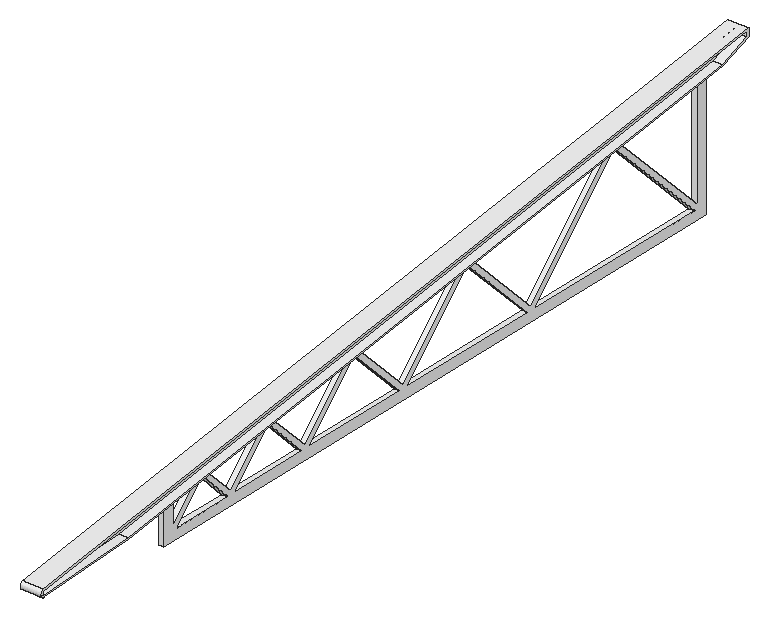
Revit family "STC_A3-Truss", category Structural Framing, Revit 2016
Family settings
  Section Shape = Not Defined
  Material for Model Behavior = Other
  Always export as geometry = No
  Work Plane-Based = No
  Always vertical = Yes
  Cut with Voids When Loaded = No
  Symbolic Representation = From Family
  Shared = No
  Show family pre-cut in plan views = Yes
Reference planes
  plane 1 "Center (Front/Back)": y = 0
  plane 2: z = 0
  plane 3 "Center (Left/Right)": x = 0
  plane 4: through (0, 227.202, 1283.158) normal (0, -0.1305, 0.9914)
  plane 5: y = -6700
  plane 6: y = -7100
  plane 7: y = 300
  plane 8: through (0, 207.623, 1431.875) normal (0, -0.1305, 0.9914)
  plane 9: y = -230
  plane 10: y = -6470
Forms (mm)
  Extrusion 1, solid, material "Metal - Steel"
    sketch origin (0, 0, 0) x (0, 1, 0) y (0, 0, 1)
      loop
        line (300, 1368.39) -> (300, 1444.037) -> (-8109.789, 336.867)
        arc (-8109.789, 336.867) -> (-8145.426, 301.23) -> (-8109.789, 265.593) r 35.637
        line (-8109.789, 265.593) -> (-7100, 318.514) -> (0, 1253.247) -> (300, 1368.39)
      loop
        line (285, 1426.933) -> (-8108.939, 321.85)
        arc (-8108.939, 321.85) -> (-8130.418, 301.825) -> (-8110.129, 280.596) r 20.637
        line (-8110.129, 280.596) -> (-7101.374, 333.463) -> (-3.718, 1267.887) -> (285, 1378.699) -> (285, 1426.933)
    from -100 to 100
  Extrusion 2, solid, material "Metal - Steel"
    sketch origin (0, 0, 0) x (0, 1, 0) y (0, 0, 1)
      loop
        line (-115, 1238.107) -> (-215, 1224.941) -> (-215, 135.355) -> (-1177.828, 1098.183) -> (-1249.785, 1088.709) -> (-2203.139, 135.355) -> (-2934.674, 866.89) -> (-3006.632, 857.416) -> (-3728.693, 135.355) -> (-4282.749, 689.412) -> (-4354.707, 679.939) -> (-4899.291, 135.355) -> (-5317.164, 553.229) -> (-5381.543, 544.753) -> (-5790.941, 135.355) -> (-6105.083, 449.497) -> (-6170.092, 440.939) -> (-6485, 134.863) -> (-6485, 399.48) -> (-6585, 386.315) -> (-6585, 0) -> (-115, 0) -> (-115, 1238.107)
      loop
        line (-250.355, 100) -> (-1209.07, 1058.714) -> (-2167.784, 100) -> (-250.355, 100)
      loop
        line (-3693.337, 100) -> (-2238.495, 100) -> (-2965.916, 827.421) -> (-3693.337, 100)
      loop
        line (-3764.048, 100) -> (-4313.992, 649.944) -> (-4863.935, 100) -> (-3764.048, 100)
      loop
        line (-4934.646, 100) -> (-5345.116, 510.47) -> (-5755.586, 100) -> (-4934.646, 100)
      loop
        line (-6449.131, 100) -> (-5826.296, 100) -> (-6133.284, 406.988) -> (-6449.131, 100)
    from -25 to 25
  Extrusion 3, solid, material "Metal - Steel"
    sketch origin (0, 0, 0) x (0, 1, 0) y (0, 0, 1)
      loop
        line (285, 1426.933) -> (-8108.939, 321.85)
        arc (-8108.939, 321.85) -> (-8130.418, 301.825) -> (-8110.129, 280.596) r 20.637
        line (-8110.129, 280.596) -> (-7101.374, 333.463) -> (-3.718, 1267.887) -> (285, 1378.699) -> (285, 1426.933)
    from -5 to 5
